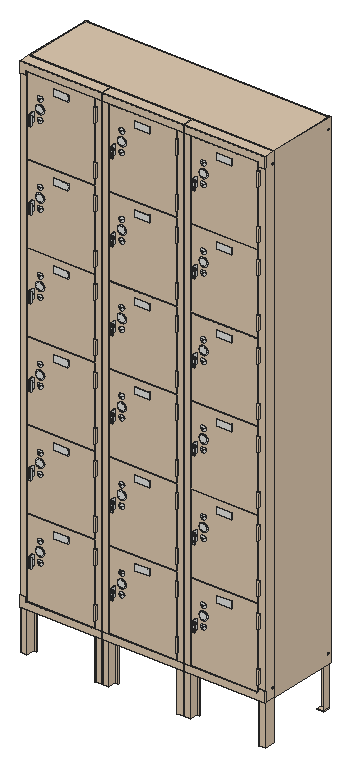
Revit family "Metal_Vented_Lockers-Salsbury_Industries-75000_76000_Series-3_Wide_Units", category Specialty Equipment, Revit 2023
Family settings
  Round Connector Dimension = Use Diameter
  Part Type = Normal
  OmniClass Number = 23.40.00.00
  OmniClass Title = Equipment and Furnishings
  Work Plane-Based = No
  Enable Cutting in Views = No
  Always vertical = Yes
  Cut with Voids When Loaded = No
  Maintain Annotation Orientation = No
  Shared = No
  Room Calculation Point = No
Parameters (values of type "76362 - with Standard 6" High Legs")
  Zee Base Corner - Right Side [instance] = Metal Locker Zee Base Corner : None
  Zee Base Corner - Left Side [instance] = Metal Locker Zee Base Corner : None
  Zee Base - Right Side [instance] = Metal Locker Zee Base-Right Side : None
  Zee Base - Left Side [instance] = Metal Locker Zee Base-Left Side : None
  Zee Base = Metal Locker Zee Base - 3 Wide : None
  Width = 36.040"
  Version = "2.0 (01/30/18)"
  Vent Offset = if(Depth = 12.010", 3.250", if(Depth = 15.010", 3.500", if(Depth = 18.010", 3.750", 0.000")))  # 3.250"
  Vent Configuration Height = Vents : 6 foot high vents
  Vent Array Spacing = 1.187"
  Vent Array 2 = if(Depth = 12.010", 5, if(Depth = 15.010", 7, if(Depth = 18.010", 9, 0)))  # 5
  Vent Array 1 = Vent Array 2 + 1  # 6
  Unit Height including Sloping Hood Only [instance] = 78.625"
  Unit Height = 72.000"
  URL = "www.lockers.com"
  Type Comments = "12\" Wide Vented Metal Locker - Box Style Six Tier"
  Total Door(s) Height [instance] = 69.81949"
  Top Row of Doors = yes
  Top Compartment Divider = yes
  Test Data = "https://www.lockers.com/videolibrary/"
  Specification = "https://www.lockers.com/architect-resources//"
  Sloping Top In-Line Filler - Right Side [instance] = Metal Locker Sloping Top Filler : None
  Sloping Top In-Line Filler - Left Side [instance] = Metal Locker Sloping Top Filler : None
  Sloping Top Corner Filler - Right Side [instance] = Metal Locker Sloping Corner Filler : None
  Sloping Top Corner Filler - Left Side [instance] = Metal Locker Sloping Corner Filler : None
  Sloping Hood Height = if(Depth = 12.010", 6.625", if(Depth = 15.010", 8.682", if(Depth = 18.010", 10.739", 0.000")))  # 6.625"
  Sloping Hood [instance] = Metal Locker Sloping Hood : None
  Sales Information = "https://www.lockers.com/request_a_quote/"
  Revision = "R1_2018-10"
  Product Data = "https://www.lockers.com/downloads__catalog/"
  Manufacturer Website = "https://www.lockers.com/"
  Manufacturer Phone - Toll Free = "1-800-562-5377"
  Manufacturer Phone = "(323) 846-6700"
  Manufacturer Fax = "1-800-562-5399"
  Manufacturer Address = "1010 East 62nd Street, Los Angeles, CA 90001-1598"
  Keynote = "10 51 00"
  Installation-Fabrication = "https://www.lockers.com/downloads__installation_instructions/"
  Green Building-LEED = "https://www.arcat.com/green/green_building.shtml"
  Drawn By = ""
  Default Elevation = 0.000"
  Copyright = ""
  Construction Details = "https://www.lockers.com/downloads__catalog/"
  Compartment Divider Height = Individual Door Height - 0.375"  # 11.157"
  Right Side Base [instance] = Metal Locker Right Side Base : None
  Primary Structure Material [instance] = Paint - Salsbury Finish - Tan
  Overall Width including Rivets [instance] = 36.120"
  Unit Height including Base Only [instance] = 78.000"
  Overall Unit Height (including Base and Sloping Hood) [instance] = 84.625"
  OmniClass 23 Title = "Equipment and Furnishings"
  OmniClass 23 Number = "23.40.00.00"
  Model = "76362"
  MasterFormat Title = "Lockers"
  MasterFormat Number = "10 51 13"
  Manufacturer = "Salsbury Industries"
  Left Side Base [instance] = Metal Locker Left Side Base : None
  Individual Door Height = 11.532"
  Hasp Plate Rivet Material = Steel -Salsbury Finish - Polished Steel
  Hasp Handle Material = Plastic - Salsbury Finish - Black
  Front Vertical Filler - Right [instance] = Metal Locker Front Filler : None
  Front Vertical Filler - Left [instance] = Metal Locker Front Filler : None
  Front Base [instance] = Metal Locker Front Base : None
  Flat Top In-Line Filler - Right Side [instance] = Metal Locker Flat Top Filler : None
  Flat Top In-Line Filler - Left Side [instance] = Metal Locker Flat Top Filler : None
  Flat Top Corner Filler - Right Side [instance] = Metal Locker Flat Corner Filler : None
  Flat Top Corner Filler - Left Side [instance] = Metal Locker Flat Corner Filler : None
  Individual Door Width [instance] = 33.90055"
  End Panel - Right Side [instance] = Metal Locker End Panel : None
  End Panel - Left Side [instance] = Metal Locker End Panel : None
  Door Location D1 = Vented Metal Locker Doors-12 inch with Latch Hasps : Six Tier Door - 6 foot
  Description = "3 Wide - 6 Feet High - 12 Inches Deep"
  Depth = 12.010"
  Category = ""
  Building Codes = "https://www.lockers.com/downloads__forms_and_information/"
  Base Height = 6.000"
  Standard Leg Base = Metal Locker Legs - 3 Wide : 6" High - 36" W x 12" D
  Assembly Code = "C1030310"
Reference planes (in)
  plane 1 "Center (Front/Back)": y = 0
  plane 2: z = 0
  plane 3 "Center (Left/Right)": x = 0
  plane 4 "Floor": z = 0
  plane 5 "Bottom of Unit": z = 6
  plane 6 "Top of Unit": z = 78
  plane 7 "Left Side of Unit": x = -18.02
  plane 8 "Right Side of Unit": x = 18.02
  plane 9 "Back of Unit": y = 6.005
  plane 10 "Front of Unit": y = -6.005
  plane 11 "Top of Sloping Hood": z = 84.625
  plane 12 "Left Rivet": x = -18.06
  plane 13 "Right Rivet": x = 18.06
  plane 14 "Right Side of Door Opening": x = 17.02
  plane 15 "Left Side of Door Opening": x = -17.02
  plane 16 "Top of Door Opening": z = 77
  plane 17 "Bottom of Door Opening": z = 7
  plane 18 "Back Edge of Front Facing": y = -4.417
  plane 19 "Front Plate Plane": y = -6.065
  plane 20 "Horizontal Center of Top Rivets": z = 76.5
  plane 21 "Horiz Center of Bottom Rivets": z = 7.5
  plane 22 "Vertical Center of Back Rivets": y = 5.505
  plane 23 "Vertical Center of Front Rivets": y = -4.755
  plane 24 "Right Align Top Filler Overlap": x = 17.435
  plane 25 "Left Align Top Filler Overlap": x = -17.435
  plane 26 "Corner Filler Align-Left": x = -18.08
  plane 27 "Corner Filler Align-Right": x = 18.08
  plane 28 "Right Side of Door": x = 16.95026
  plane 29 "Top of Door 1": z = 76.90976
  plane 30 "Bottom of Bottom Door": z = 7.09027
  plane 31 "Zee Base Offset": x = -17.669
  plane 32: x = 17.669
  plane 33 "Compartment Align 3": z = 19.157
  plane 34: x = -17.96
  plane 35: x = 17.96
  plane 36: x = -17.635
  plane 37: x = 17.635
  plane 38: y = 5.945
  plane 39: y = 5.895
  plane 40: y = 5.145
  plane 41: x = -17.9
  plane 42: x = 17.9
  plane 43: x = -17.095
  plane 44: x = 17.095
  plane 45: z = 77.94
  plane 46: z = 19.097
  plane 47: z = 18.157
  plane 48: z = 6.9204
  plane 49: z = 6.18539
  plane 50: z = 76.40796
  plane 51: z = 7.59204
  plane 52 "Right Side of Center Unit": x = 6.00667
  plane 53 "Left Side of Center Unit": x = -6.00667
  plane 54: x = 6.98167
  plane 55 "Left Side of Door Opening-Right Door": x = 7.00667
  plane 56: x = 5.03167
  plane 57 "Right Side of Door Opening-Center Door": x = 5.00667
  plane 58 "Right Side of Door - Center Door": x = 4.93667
  plane 59: x = -5.03167
  plane 60 "Left Side of Door Opening - Center Door": x = -5.00667
  plane 61: x = -6.98167
  plane 62 "Right Side of Door Opening - Left Door": x = -7.00667
  plane 63 "Right Side of Door - Left Door": x = -7.07667
  plane 64: z = 18.157
  plane 65 "Top of Door Row 3": z = 18.62227
  plane 66 "Bottom of Door Row 2": z = 18.74776
  plane 67 "Top of Door Row 2": z = 30.27976
  plane 68: z = 30.40676
  plane 69 "Compartment Align 2": z = 30.77927
  plane 70: z = 30.71927
  plane 71: z = 29.77927
  plane 72: z = 53.22076
  plane 73: z = 41.93876
  plane 74: z = 42.06376
  plane 75: z = 41.43676
  plane 76: z = 42.37676
  plane 77 "Compartment Align 1": z = 42.43676
  plane 78: z = 70.70625
  plane 79: z = 53.59576
  plane 80: z = 53.72076
  plane 81: z = 65.25276
  plane 82: z = 65.37776
  plane 83: z = 53.09576
  plane 84: z = 54.03576
  plane 85: z = 54.09576
  plane 86: z = 64.75276
  plane 87: z = 65.69276
  plane 88: z = 65.75276
  plane 89: z = 82.36525
  plane 90: z = 94.02225
  plane 91 "Front Vent Align": y = -2.755
  plane 92: y = -2.385
  plane 93: y = -1.791
  plane 94 "Top Vent Align": z = 73.562
  plane 95: z = 72.81
  plane 96: z = 71.97
Forms (in)
  Sweep 1, solid, material "Paint - Salsbury Finish - Tan" <- "Primary Structure Material"
    path origin (0, -6.005, 0) x (1, 0, 0) y (0, 0, 1)
      loop
        line (6.00667, 78) -> (6.00667, 6) -> (18.02, 6) -> (18.02, 78) -> (6.00667, 78)
    profile origin (12.01333, -6.005, 78) x (0, 0, 1) y (0, -1, 0)
      loop
        line (0, 0) -> (-1, 0) -> (-1, -1.588) -> (0, -1.588) -> (0, 0)
  Extrusion 2, solid, material "Paint - Salsbury Finish - Tan" <- "Primary Structure Material"
    sketch origin (0, 0, 6) x (0, -1, 0) y (1, 0, 0)
      loop
        line (4.417, 18.02) -> (-6.005, 18.02) -> (-6.005, 17.635) -> (-5.945, 17.635) -> (-5.945, 17.96) -> (4.417, 17.96) -> (4.417, 18.02)
    from 0 to 72
  Extrusion 3, solid, material "Paint - Salsbury Finish - Tan" <- "Primary Structure Material"
    sketch origin (0, 0, 6) x (0, -1, 0) y (1, 0, 0)
      loop
        line (4.417, -18.02) -> (4.417, -17.96) -> (-5.945, -17.96) -> (-5.945, -17.635) -> (-6.005, -17.635) -> (-6.005, -18.02) -> (4.417, -18.02)
    from 0 to 72
  Extrusion 4, solid, material "Paint - Salsbury Finish - Tan" <- "Primary Structure Material"
    sketch origin (0, 0, 6) x (0, -1, 0) y (1, 0, 0)
      loop
        line (-5.945, -17.96) -> (-5.145, -17.96) -> (-5.145, -17.9) -> (-5.895, -17.9) -> (-5.895, 17.9) -> (-5.145, 17.9) -> (-5.145, 17.96) -> (-5.945, 17.96) -> (-5.945, -17.96)
    from 0 to 72
  Sweep 5, solid, material "Paint - Salsbury Finish - Tan" <- "Primary Structure Material"
    path origin (0, 0, 7) x (0, -1, 0) y (1, 0, 0)
      loop
        line (4.417, -17.96) -> (4.417, 17.96) -> (-5.145, 17.96) -> (-5.145, 17.9) -> (-5.895, 17.9) -> (-5.895, -17.9) -> (-5.145, -17.9) -> (-5.145, -17.96) -> (4.417, -17.96)
    profile origin (-17.96, 0.364, 7) x (-1, 0, 0) y (0, 0, 1)
      loop
        line (0, -0.81461) -> (0, -0.0796) -> (-0.06, -0.0796) -> (-0.06, -0.81461) -> (0, -0.81461)
  Extrusion 6, solid, material "Paint - Salsbury Finish - Tan" <- "Primary Structure Material"
    sketch origin (0, 0, 7) x (0, -1, 0) y (1, 0, 0)
      loop
        line (-5.895, -17.9) -> (-5.145, -17.9) -> (-5.145, -17.96) -> (4.417, -17.96) -> (4.417, 17.96) -> (-5.145, 17.96) -> (-5.145, 17.9) -> (-5.895, 17.9) -> (-5.895, -17.9)
    from -0.0796 to 0
  Extrusion 7, solid, material "Paint - Salsbury Finish - Tan" <- "Primary Structure Material"
    sketch origin (0, 0, 78) x (0, -1, 0) y (1, 0, 0)
      loop
        line (-5.895, -17.9) -> (-5.145, -17.9) -> (-5.145, -17.96) -> (4.417, -17.96) -> (4.417, 17.96) -> (-5.145, 17.96) -> (-5.145, 17.9) -> (-5.895, 17.9) -> (-5.895, -17.9)
    from -0.06 to 0
  Extrusion 8, solid, material "Paint - Salsbury Finish - Tan" <- "Primary Structure Material"
    sketch origin (0, -6.065, 0) x (0, 0, -1) y (1, 0, 0)
      loop
        line (-78, -18.02) -> (-76.47656, -18.02)
        arc (-76.47656, -18.02) -> (-76.42806, -17.99991) -> (-76.40796, -17.9514) r 0.0686
        line (-76.40796, -17.9514) -> (-76.40796, -17.16351)
        arc (-76.40796, -17.16351) -> (-76.42809, -17.11506) -> (-76.47656, -17.095) r 0.0686
        line (-76.47656, -17.095) -> (-77, -17.095) -> (-77, 17.095) -> (-76.47656, 17.095)
        arc (-76.47656, 17.095) -> (-76.42809, 17.11506) -> (-76.40796, 17.16351) r 0.0686
        line (-76.40796, 17.16351) -> (-76.40796, 17.9514)
        arc (-76.40796, 17.9514) -> (-76.42806, 17.99991) -> (-76.47656, 18.02) r 0.0686
        line (-76.47656, 18.02) -> (-78, 18.02) -> (-78, -18.02)
    from -0.06 to 0
  Extrusion 9, solid, material "Paint - Salsbury Finish - Tan" <- "Primary Structure Material"
    sketch origin (0, -6.065, 84) x (0, 0, 1) y (-1, 0, 0)
      loop
        line (-78, 18.02) -> (-78, -18.02) -> (-76.47656, -18.02)
        arc (-76.47656, -18.02) -> (-76.42806, -17.99991) -> (-76.40796, -17.9514) r 0.0686
        line (-76.40796, -17.9514) -> (-76.40796, -17.16351)
        arc (-76.40796, -17.16351) -> (-76.42809, -17.11506) -> (-76.47656, -17.095) r 0.0686
        line (-76.47656, -17.095) -> (-77, -17.095) -> (-77, 17.095) -> (-76.47656, 17.095)
        arc (-76.47656, 17.095) -> (-76.42809, 17.11506) -> (-76.40796, 17.16351) r 0.0686
        line (-76.40796, 17.16351) -> (-76.40796, 17.9514)
        arc (-76.40796, 17.9514) -> (-76.42806, 17.99991) -> (-76.47656, 18.02) r 0.0686
        line (-76.47656, 18.02) -> (-78, 18.02)
    from -0.06 to 0
  Blend 10, solid, material "Steel -Salsbury Finish - Polished Steel" <- "Hasp Plate Rivet Material"
    base sketch origin (18.02, 0, 0) x (0, 0, -1) y (0, -1, 0)
      loop
        circle (-76.5, 4.755) r 0.187
    top sketch origin (18.02, 0, 0) x (0, 0, -1) y (0, -1, 0)
      loop
        circle (-76.5, 4.755) r 0.05319
    from 0 to -0.04
  Blend 11, solid, material "Steel -Salsbury Finish - Polished Steel" <- "Hasp Plate Rivet Material"
    base sketch origin (18.02, 0, -69) x (0, 0, -1) y (0, -1, 0)
      loop
        circle (-76.5, 4.755) r 0.187
    top sketch origin (18.02, 0, -69) x (0, 0, -1) y (0, -1, 0)
      loop
        circle (-76.5, 4.755) r 0.05319
    from 0 to -0.04
  Blend 12, solid, material "Steel -Salsbury Finish - Polished Steel" <- "Hasp Plate Rivet Material"
    base sketch origin (18.02, 10.26, -69) x (0, 0, -1) y (0, -1, 0)
      loop
        circle (-76.5, 4.755) r 0.187
    top sketch origin (18.02, 10.26, -69) x (0, 0, -1) y (0, -1, 0)
      loop
        circle (-76.5, 4.755) r 0.05319
    from 0 to -0.04
  Blend 13, solid, material "Steel -Salsbury Finish - Polished Steel" <- "Hasp Plate Rivet Material"
    base sketch origin (18.02, 10.26, 0.0043) x (0, 0, -1) y (0, -1, 0)
      loop
        circle (-76.5, 4.755) r 0.187
    top sketch origin (18.02, 10.26, 0.0043) x (0, 0, -1) y (0, -1, 0)
      loop
        circle (-76.5, 4.755) r 0.05319
    from 0 to -0.04
  Blend 14, solid, material "Steel -Salsbury Finish - Polished Steel" <- "Hasp Plate Rivet Material"
    base sketch origin (-6.02, 0, -69) x (0, 0, -1) y (0, 1, 0)
      loop
        circle (-76.5, -4.755) r 0.187
    top sketch origin (-6.02, 0, -69) x (0, 0, -1) y (0, 1, 0)
      loop
        circle (-76.5, -4.755) r 0.05319
    from -12 to -12.04
  Blend 15, solid, material "Steel -Salsbury Finish - Polished Steel" <- "Hasp Plate Rivet Material"
    base sketch origin (-6.02, 10.26, -69) x (0, 0, -1) y (0, 1, 0)
      loop
        circle (-76.5, -4.755) r 0.187
    top sketch origin (-6.02, 10.26, -69) x (0, 0, -1) y (0, 1, 0)
      loop
        circle (-76.5, -4.755) r 0.05319
    from -12 to -12.04
  Blend 16, solid, material "Steel -Salsbury Finish - Polished Steel" <- "Hasp Plate Rivet Material"
    base sketch origin (-6.02, 0, 0) x (0, 0, -1) y (0, 1, 0)
      loop
        circle (-76.5, -4.755) r 0.187
    top sketch origin (-6.02, 0, 0) x (0, 0, -1) y (0, 1, 0)
      loop
        circle (-76.5, -4.755) r 0.05319
    from -12 to -12.04
  Blend 17, solid, material "Steel -Salsbury Finish - Polished Steel" <- "Hasp Plate Rivet Material"
    base sketch origin (-6.02, 10.26, 0.00039) x (0, 0, -1) y (0, 1, 0)
      loop
        circle (-76.5, -4.755) r 0.187
    top sketch origin (-6.02, 10.26, 0.00039) x (0, 0, -1) y (0, 1, 0)
      loop
        circle (-76.5, -4.755) r 0.05319
    from -12 to -12.04
  Extrusion 18, solid, material "Paint - Salsbury Finish - Tan" <- "Primary Structure Material"
    sketch origin (0, 0, 19.157) x (0, -1, 0) y (1, 0, 0)
      loop
        line (-5.945, -17.9) -> (-5.145, -17.9) -> (-5.145, -17.96) -> (4.417, -17.96) -> (4.417, 17.96) -> (-5.145, 17.96) -> (-5.145, 17.9) -> (-5.945, 17.9) -> (-5.945, -17.9)
    from -0.06 to 0
  Sweep 19, solid, material "Paint - Salsbury Finish - Tan" <- "Primary Structure Material"
    path origin (0, 0, 19.157) x (0, -1, 0) y (1, 0, 0)
      loop
        line (4.417, -17.96) -> (4.417, 17.96) -> (-5.145, 17.96) -> (-5.145, 17.9) -> (-5.945, 17.9) -> (-5.945, -17.9) -> (-5.145, -17.9) -> (-5.145, -17.96) -> (4.417, -17.96)
    profile origin (-17.96, 0.364, 19.157) x (-1, 0, 0) y (0, 0, 1)
      loop
        line (0, -1) -> (0, -0.06) -> (-0.06, -0.06) -> (-0.06, -1) -> (0, -1)
  Sweep 20, solid, material "Paint - Salsbury Finish - Tan" <- "Primary Structure Material"
    path origin (-12.01333, -6.005, 0) x (1, 0, 0) y (0, 0, 1)
      loop
        line (6.00667, 78) -> (6.00667, 6) -> (18.02, 6) -> (18.02, 78) -> (6.00667, 78)
    profile origin (0, -6.005, 78) x (0, 0, 1) y (0, -1, 0)
      loop
        line (0, 0) -> (-1, 0) -> (-1, -1.588) -> (0, -1.588) -> (0, 0)
  Sweep 21, solid, material "Paint - Salsbury Finish - Tan" <- "Primary Structure Material"
    path origin (-24.02667, -6.005, 0) x (1, 0, 0) y (0, 0, 1)
      loop
        line (6.00667, 78) -> (6.00667, 6) -> (18.02, 6) -> (18.02, 78) -> (6.00667, 78)
    profile origin (-12.01333, -6.005, 78) x (0, 0, 1) y (0, -1, 0)
      loop
        line (0, 0) -> (-1, 0) -> (-1, -1.588) -> (0, -1.588) -> (0, 0)
  Extrusion 22, solid, material "Paint - Salsbury Finish - Tan" <- "Primary Structure Material"
    sketch origin (0, 0, 30.77927) x (0, -1, 0) y (1, 0, 0)
      loop
        line (-5.945, -17.9) -> (-5.145, -17.9) -> (-5.145, -17.96) -> (4.417, -17.96) -> (4.417, 17.96) -> (-5.145, 17.96) -> (-5.145, 17.9) -> (-5.945, 17.9) -> (-5.945, -17.9)
    from -0.06 to 0
  Sweep 23, solid, material "Paint - Salsbury Finish - Tan" <- "Primary Structure Material"
    path origin (0, 0, 30.77927) x (0, -1, 0) y (1, 0, 0)
      loop
        line (4.417, -17.96) -> (4.417, 17.96) -> (-5.145, 17.96) -> (-5.145, 17.9) -> (-5.945, 17.9) -> (-5.945, -17.9) -> (-5.145, -17.9) -> (-5.145, -17.96) -> (4.417, -17.96)
    profile origin (-17.96, 0.364, 30.77927) x (-1, 0, 0) y (0, 0, 1)
      loop
        line (0, -1) -> (0, -0.06) -> (-0.06, -0.06) -> (-0.06, -1) -> (0, -1)
  Extrusion 24, solid, material "Paint - Salsbury Finish - Tan" <- "Primary Structure Material"
    sketch origin (0, 0, 42.43676) x (0, -1, 0) y (1, 0, 0)
      loop
        line (-5.945, -17.9) -> (-5.145, -17.9) -> (-5.145, -17.96) -> (4.417, -17.96) -> (4.417, 17.96) -> (-5.145, 17.96) -> (-5.145, 17.9) -> (-5.945, 17.9) -> (-5.945, -17.9)
    from -0.06 to 0
  Sweep 25, solid, material "Paint - Salsbury Finish - Tan" <- "Primary Structure Material"
    path origin (0, 0, 42.43676) x (0, -1, 0) y (1, 0, 0)
      loop
        line (4.417, -17.96) -> (4.417, 17.96) -> (-5.145, 17.96) -> (-5.145, 17.9) -> (-5.945, 17.9) -> (-5.945, -17.9) -> (-5.145, -17.9) -> (-5.145, -17.96) -> (4.417, -17.96)
    profile origin (-17.96, 0.364, 42.43676) x (-1, 0, 0) y (0, 0, 1)
      loop
        line (0, -1) -> (0, -0.06) -> (-0.06, -0.06) -> (-0.06, -1) -> (0, -1)
  Extrusion 26, solid, material "Paint - Salsbury Finish - Tan" <- "Primary Structure Material"
    sketch origin (0, 0, 54.09576) x (0, -1, 0) y (1, 0, 0)
      loop
        line (-5.945, -17.9) -> (-5.145, -17.9) -> (-5.145, -17.96) -> (4.417, -17.96) -> (4.417, 17.96) -> (-5.145, 17.96) -> (-5.145, 17.9) -> (-5.945, 17.9) -> (-5.945, -17.9)
    from -0.06 to 0
  Sweep 27, solid, material "Paint - Salsbury Finish - Tan" <- "Primary Structure Material"
    path origin (0, 0, 54.09576) x (0, -1, 0) y (1, 0, 0)
      loop
        line (4.417, -17.96) -> (4.417, 17.96) -> (-5.145, 17.96) -> (-5.145, 17.9) -> (-5.945, 17.9) -> (-5.945, -17.9) -> (-5.145, -17.9) -> (-5.145, -17.96) -> (4.417, -17.96)
    profile origin (-17.96, 0.364, 54.09576) x (-1, 0, 0) y (0, 0, 1)
      loop
        line (0, -1) -> (0, -0.06) -> (-0.06, -0.06) -> (-0.06, -1) -> (0, -1)
  Extrusion 28, solid, material "Paint - Salsbury Finish - Tan" <- "Primary Structure Material", visible <- "Top Compartment Divider"
    sketch origin (0, 0, 65.75276) x (0, -1, 0) y (1, 0, 0)
      loop
        line (-5.945, -17.9) -> (-5.145, -17.9) -> (-5.145, -17.96) -> (4.417, -17.96) -> (4.417, 17.96) -> (-5.145, 17.96) -> (-5.145, 17.9) -> (-5.945, 17.9) -> (-5.945, -17.9)
    from -0.06 to 0
  Sweep 29, solid, material "Paint - Salsbury Finish - Tan" <- "Primary Structure Material", visible <- "Top Compartment Divider"
    path origin (0, 0, 65.75276) x (0, -1, 0) y (1, 0, 0)
      loop
        line (4.417, -17.96) -> (4.417, 17.96) -> (-5.145, 17.96) -> (-5.145, 17.9) -> (-5.945, 17.9) -> (-5.945, -17.9) -> (-5.145, -17.9) -> (-5.145, -17.96) -> (4.417, -17.96)
    profile origin (-17.96, 0.364, 65.75276) x (-1, 0, 0) y (0, 0, 1)
      loop
        line (0, -1) -> (0, -0.06) -> (-0.06, -0.06) -> (-0.06, -1) -> (0, -1)
Lines and regions (in)
  reference lines
    curve 1: line (-41.59242, -6.065, 78) -> (48.15758, -6.065, 78)
  symbolic lines
    curve 2: line (-18.02, 6.005, 78) -> (18.02, 6.005, 78)
    curve 3: line (-18.02, -6.065, 78) -> (-18.02, 6.005, 78)
    curve 4: line (18.02, -6.065, 78) -> (-18.02, -6.065, 78)
    curve 5: line (18.02, 6.005, 78) -> (18.02, -6.065, 78)
    curve 6: line (-18.06, -4.80819, 78) -> (-18.02, -4.91809, 78)
    curve 7: line (-18.02, -4.58043, 78) -> (-18.06, -4.70181, 78)
    curve 8: line (-18.06, -4.80819, 78) -> (-18.06, -4.70181, 78)
    curve 9: line (-18.06, 5.45181, 78) -> (-18.02, 5.31077, 78)
    curve 10: line (-18.06, 5.55819, 78) -> (-18.02, 5.68474, 78)
    curve 11: line (-18.06, 5.55819, 78) -> (-18.06, 5.45181, 78)
    curve 12: line (18.06, 5.55819, 78) -> (18.02, 5.70747, 78)
    curve 13: line (18.06, 5.45181, 78) -> (18.02, 5.3179, 78)
    curve 14: line (18.06, 5.55819, 78) -> (18.06, 5.45181, 78)
    curve 15: line (18.06, -4.70181, 78) -> (18.02, -4.57098, 78)
    curve 16: line (18.06, -4.80819, 78) -> (18.02, -4.94769, 78)
    curve 17: line (18.06, -4.70181, 78) -> (18.06, -4.80819, 78)
  model lines
    curve 18: line (6.00667, 6.005, 6) -> (6.00667, 6.005, 78)
    curve 19: line (-6.00667, 6.005, 6) -> (-6.00667, 6.005, 78)
    curve 20: line (-6.00667, 5.945, 78) -> (-6.00667, -6.065, 78)
    curve 21: line (6.00667, 5.945, 78) -> (6.00667, -6.065, 78)
Dimensions and locks (in)
  equal spacing: plane 7 "Left Side of Unit", plane 53 "Left Side of Center Unit", plane 52 "Right Side of Center Unit", plane 8 "Right Side of Unit"
  "Width": plane 7 "Left Side of Unit" to plane 8 "Right Side of Unit"
  "Base Height": plane 5 "Bottom of Unit" to plane 4 "Floor"
  "Unit Height": plane 6 "Top of Unit" to plane 5 "Bottom of Unit"
  "Unit Height including Base Only": plane 6 "Top of Unit" to plane 4 "Floor"
  equal spacing: plane 10 "Front of Unit", plane 1 "Center (Front/Back)", plane 9 "Back of Unit"
  "Depth": plane 10 "Front of Unit" to plane 9 "Back of Unit"
  "Sloping Hood Height": plane 11 "Top of Sloping Hood" to plane 6 "Top of Unit"
  "Overall Unit Height (including Base and Sloping Hood)": plane 11 "Top of Sloping Hood" to plane 4 "Floor"
  locked: plane 12 "Left Rivet" to plane 7 "Left Side of Unit" at 0.04
  locked: plane 8 "Right Side of Unit" to plane 13 "Right Rivet" at 0.04
  "Overall Width including Rivets": plane 12 "Left Rivet" to plane 13 "Right Rivet"
  plane 6 "Top of Unit" to plane 16 "Top of Door Opening" to plane 29 "Top of Door 1" to plane 50 = 1.000" locked, 0.09024", 0.5018"
  plane 51 to plane 30 "Bottom of Bottom Door" to plane 17 "Bottom of Door Opening" to plane 5 "Bottom of Unit" = 0.50177", 0.09027", 1.000" locked
  locked: plane 7 "Left Side of Unit" to plane 15 "Left Side of Door Opening" at 1
  plane 28 "Right Side of Door" to plane 14 "Right Side of Door Opening" to plane 8 "Right Side of Unit" = 0.06974", 1.000" locked
  plane 19 "Front Plate Plane" to plane 10 "Front of Unit" to plane 18 "Back Edge of Front Facing" = 0.060" locked, 1.588" locked
  "Unit Height including Sloping Hood Only": plane 11 "Top of Sloping Hood" to plane 5 "Bottom of Unit"
  locked: plane 20 "Horizontal Center of Top Rivets" to plane 6 "Top of Unit" at 1.5
  locked: plane 5 "Bottom of Unit" to plane 21 "Horiz Center of Bottom Rivets" at 1.5
  locked: plane 22 "Vertical Center of Back Rivets" to plane 9 "Back of Unit" at 0.5
  locked: plane 10 "Front of Unit" to plane 23 "Vertical Center of Front Rivets" at 1.25
  locked: plane 24 "Right Align Top Filler Overlap" to plane 13 "Right Rivet" at 0.625
  locked: plane 12 "Left Rivet" to plane 25 "Left Align Top Filler Overlap" at 0.625
  locked: plane 8 "Right Side of Unit" to plane 27 "Corner Filler Align-Right" at 0.06
  locked: plane 26 "Corner Filler Align-Left" to plane 7 "Left Side of Unit" at 0.06
  "Total Door(s) Height": plane 29 "Top of Door 1" to plane 30 "Bottom of Bottom Door"
  plane 7 "Left Side of Unit" to plane 31 "Zee Base Offset" = 0.351"
  plane 32 to plane 8 "Right Side of Unit" = 0.351"
  plane 33 "Compartment Align 3" to plane 46 to plane 64 = 0.060" locked, 0.940" locked
  plane 7 "Left Side of Unit" to plane 34 to plane 41 to plane 36 = 0.060" locked, 0.060" locked, 0.265" locked
  plane 37 to plane 42 to plane 35 to plane 8 "Right Side of Unit" = 0.265" locked, 0.060", 0.060"
  plane 40 to plane 39 to plane 38 to plane 9 "Back of Unit" = 0.750" locked, 0.050", 0.060"
  locked: plane 7 "Left Side of Unit" to plane 43 at 0.925
  locked: plane 44 to plane 8 "Right Side of Unit" at 0.925
  locked: plane 6 "Top of Unit" to plane 45 at 0.06
  plane 46 to plane 47 = 0.940"
  locked: plane 17 "Bottom of Door Opening" to plane 48 at 0.0796
  plane 48 to plane 49 = 0.73501"
  plane 58 "Right Side of Door - Center Door" to plane 57 "Right Side of Door Opening-Center Door" to plane 56 to plane 52 "Right Side of Center Unit" to plane 54 to plane 55 "Left Side of Door Opening-Right Door" = 0.070", 0.025", 0.975", 0.975", 0.025"
  plane 63 "Right Side of Door - Left Door" to plane 62 "Right Side of Door Opening - Left Door" to plane 61 to plane 53 "Left Side of Center Unit" to plane 59 to plane 60 "Left Side of Door Opening - Center Door" = 0.070", 0.025", 0.975", 0.975", 0.025"
  "Individual Door Height": plane 65 "Top of Door Row 3" to plane 30 "Bottom of Bottom Door"
  "Compartment Divider Height": plane 64 to plane 17 "Bottom of Door Opening"
  locked: plane 66 "Bottom of Door Row 2" to plane 65 "Top of Door Row 3" at 0.12549
  "Individual Door Height": plane 67 "Top of Door Row 2" to plane 66 "Bottom of Door Row 2"
  locked: plane 68 to plane 67 "Top of Door Row 2" at 0.127
  plane 69 "Compartment Align 2" to plane 70 to plane 71 = 0.060" locked, 0.940" locked
  "Compartment Divider Height": plane 71 to plane 65 "Top of Door Row 3"
  "Individual Door Height": plane 73 to plane 68
  locked: plane 74 to plane 73 at 0.125
  "Compartment Divider Height": plane 75 to plane 67 "Top of Door Row 2"
  plane 77 "Compartment Align 1" to plane 76 to plane 75 = 0.060" locked, 0.940" locked
  locked: plane 80 to plane 79 at 0.125
  locked: plane 82 to plane 81 at 0.125
  "Individual Door Height": plane 79 to plane 74
  "Individual Door Height": plane 81 to plane 80
  "Compartment Divider Height": plane 83 to plane 73
  "Compartment Divider Height": plane 86 to plane 79
  plane 85 to plane 84 to plane 83 = 0.060" locked, 0.940" locked
  plane 88 to plane 87 to plane 86 = 0.060" locked, 0.940" locked
  "Vent Offset": plane 10 "Front of Unit" to plane 91 "Front Vent Align"
  plane 91 "Front Vent Align" to plane 92 to plane 93 = 0.370" locked, 0.594" locked
  plane 94 "Top Vent Align" to plane 6 "Top of Unit" = 4.438"
  plane 96 to plane 95 to plane 94 "Top Vent Align" = 0.840", 0.752"
  equal spacing: group 1, group 2, group 3, group 4, group 5, group 6  (x3)
  equal spacing: group 7, group 8, group 9, group 10, group 11  (x3)
  "Vent Array Spacing": nested 41 to nested 43
  "Vent Array Spacing": nested 42 to nested 48
  equal spacing: group 12, group 13, group 14, group 15, group 16, group 17  (x3)
  equal spacing: group 18, group 19, group 20, group 21, group 22  (x3)
  "Vent Array Spacing": nested 54 to nested 52
  "Vent Array Spacing": nested 59 to nested 53
  aligned and locked: level to plane 2
  aligned and locked: Extrusion 2 to plane 6 "Top of Unit"
  aligned and locked: Extrusion 3 to plane 6 "Top of Unit"
  aligned and locked: Extrusion 4 to plane 6 "Top of Unit"
  aligned and locked: Extrusion 8 to plane 10 "Front of Unit"
  aligned and locked: Extrusion 9 to plane 10 "Front of Unit"
  aligned and locked: Extrusion 6 to plane 17 "Bottom of Door Opening"
  aligned and locked: plane 4 "Floor" to nested 2
  aligned and locked: plane 5 "Bottom of Unit" to Extrusion 9
  aligned and locked: plane 8 "Right Side of Unit" to nested 6
  aligned and locked: plane 7 "Left Side of Unit" to nested 7
  aligned and locked: Blend 10 to plane 13 "Right Rivet"
  aligned and locked: plane 8 "Right Side of Unit" to Blend 10
  aligned and locked: Blend 15 to plane 7 "Left Side of Unit"
  aligned and locked: Blend 14 to plane 7 "Left Side of Unit"  (x2)
  aligned and locked: plane 12 "Left Rivet" to Blend 14
  aligned and locked: plane 12 "Left Rivet" to Blend 15
  aligned and locked: Blend 14 to plane 12 "Left Rivet"
  aligned and locked: Blend 17 to plane 7 "Left Side of Unit"
  aligned and locked: plane 12 "Left Rivet" to Blend 17
  aligned and locked: Blend 16 to plane 7 "Left Side of Unit"
  aligned and locked: plane 12 "Left Rivet" to Blend 16
  aligned and locked: plane 5 "Bottom of Unit" to nested 10
  aligned and locked: plane 13 "Right Rivet" to nested 10
  aligned and locked: plane 12 "Left Rivet" to nested 11
  aligned and locked: nested 11 to plane 10 "Front of Unit"
  aligned and locked: plane 13 "Right Rivet" to nested 12
  aligned and locked: plane 10 "Front of Unit" to nested 12
  aligned and locked: plane 6 "Top of Unit" to nested 12
  aligned and locked: plane 12 "Left Rivet" to nested 13
  aligned and locked: plane 10 "Front of Unit" to nested 13
  aligned and locked: plane 6 "Top of Unit" to nested 13
  aligned and locked: plane 6 "Top of Unit" to nested 14
  aligned and locked: nested 14 to plane 19 "Front Plate Plane"
  aligned and locked: nested 14 to plane 24 "Right Align Top Filler Overlap"
  aligned and locked: nested 15 to plane 25 "Left Align Top Filler Overlap"
  aligned and locked: nested 15 to plane 19 "Front Plate Plane"
  aligned and locked: nested 10 to nested 15
  aligned and locked: plane 19 "Front Plate Plane" to nested 16
  aligned and locked: plane 6 "Top of Unit" to nested 16
  aligned and locked: nested 17 to plane 6 "Top of Unit"
  aligned and locked: nested 17 to plane 19 "Front Plate Plane"
  aligned and locked: nested 18 to plane 24 "Right Align Top Filler Overlap"
  aligned and locked: nested 18 to plane 19 "Front Plate Plane"
  aligned and locked: plane 16 "Top of Door Opening" to nested 18
  aligned and locked: nested 19 to plane 16 "Top of Door Opening"
  aligned and locked: nested 19 to plane 25 "Left Align Top Filler Overlap"
  aligned and locked: nested 19 to plane 19 "Front Plate Plane"
  aligned and locked: nested 11 to plane 6 "Top of Unit"
  aligned and locked: plane 10 "Front of Unit" to nested 10
  aligned and locked: plane 10 "Front of Unit" to nested 22
  aligned and locked: plane 10 "Front of Unit" to nested 1
  aligned and locked: plane 10 "Front of Unit" to nested 2
  aligned and locked: plane 7 "Left Side of Unit" to nested 17
  aligned and locked: plane 31 "Zee Base Offset" to nested 9
  aligned and locked: plane 18 "Back Edge of Front Facing" to nested 9
  aligned and locked: nested 8 to plane 18 "Back Edge of Front Facing"
  aligned and locked: plane 32 to nested 8
  aligned and locked: nested 21 to curve 1
  aligned and locked: nested 20 to curve 1
  aligned and locked: Sweep 19 sketch curve to Extrusion 18
  aligned and locked: plane 7 "Left Side of Unit" to Extrusion 3
  aligned and locked: Extrusion 3 to plane 9 "Back of Unit"
  aligned and locked: Extrusion 2 to plane 8 "Right Side of Unit"
  aligned and locked: Extrusion 2 to plane 9 "Back of Unit"
  aligned and locked: plane 18 "Back Edge of Front Facing" to Extrusion 3
  aligned and locked: plane 18 "Back Edge of Front Facing" to Extrusion 2
  aligned and locked: plane 34 to Extrusion 3
  aligned and locked: plane 35 to Extrusion 2
  aligned and locked: plane 36 to Extrusion 3
  aligned and locked: plane 37 to Extrusion 2
  aligned and locked: Extrusion 3 to plane 38
  aligned and locked: plane 38 to Extrusion 2
  aligned and locked: Extrusion 4 to plane 38
  aligned and locked: Extrusion 4 to plane 39
  aligned and locked: plane 34 to Extrusion 4
  aligned and locked: plane 40 to Extrusion 4  (x2)
  aligned and locked: plane 41 to Extrusion 4
  aligned and locked: plane 42 to Extrusion 4
  aligned and locked: Extrusion 7 to plane 39
  aligned and locked: plane 41 to Extrusion 7
  aligned and locked: plane 34 to Extrusion 7  (x2)
  aligned and locked: Extrusion 7 to plane 40  (x2)
  aligned and locked: Extrusion 7 to plane 42
  aligned and locked: Extrusion 7 to plane 35  (x2)
  aligned and locked: plane 18 "Back Edge of Front Facing" to Extrusion 7
  aligned and locked: plane 18 "Back Edge of Front Facing" to Extrusion 6
  aligned and locked: Extrusion 6 to plane 39
  aligned and locked: Extrusion 6 to plane 42
  aligned and locked: Extrusion 6 to plane 40  (x2)
  aligned and locked: Extrusion 6 to plane 35
  aligned and locked: plane 41 to Extrusion 6
  aligned and locked: plane 34 to Extrusion 6
  aligned and locked: Sweep 5 to plane 39
  aligned and locked: Sweep 5 to plane 40  (x2)
  aligned and locked: Sweep 5 to plane 42
  aligned and locked: Sweep 5 to plane 35
  aligned and locked: plane 18 "Back Edge of Front Facing" to Sweep 5
  aligned and locked: plane 34 to Sweep 5
  aligned and locked: plane 41 to Sweep 5
  aligned and locked: Sweep 5 sketch curve to plane 41
  aligned and locked: Sweep 5 sketch curve to plane 39
  aligned and locked: plane 40 to Sweep 5 sketch curve  (x2)
  aligned and locked: Sweep 5 sketch curve to plane 34  (x2)
  aligned and locked: plane 42 to Sweep 5 sketch curve
  aligned and locked: plane 35 to Sweep 5 sketch curve
  aligned and locked: Sweep 5 sketch curve to plane 18 "Back Edge of Front Facing"
  aligned and locked: Extrusion 18 to plane 42
  aligned and locked: Extrusion 18 to plane 40  (x2)
  aligned and locked: Extrusion 18 to plane 35
  aligned and locked: plane 18 "Back Edge of Front Facing" to Extrusion 18
  aligned and locked: plane 34 to Extrusion 18
  aligned and locked: plane 41 to Extrusion 18
  aligned and locked: plane 42 to Sweep 19 sketch curve
  aligned and locked: plane 40 to Sweep 19 sketch curve  (x2)
  aligned and locked: plane 35 to Sweep 19 sketch curve
  aligned and locked: Sweep 19 sketch curve to plane 18 "Back Edge of Front Facing"
  aligned and locked: Sweep 19 sketch curve to plane 34  (x2)
  aligned and locked: Sweep 19 sketch curve to plane 41
  aligned and locked: plane 6 "Top of Unit" to Sweep 1 sketch curve  (x2)
  aligned and locked: plane 8 "Right Side of Unit" to Sweep 1 sketch curve
  aligned and locked: Sweep 1 sketch curve to plane 5 "Bottom of Unit"
  aligned and locked: plane 10 "Front of Unit" to Sweep 1
  aligned and locked: Extrusion 8 to plane 19 "Front Plate Plane"
  aligned and locked: plane 10 "Front of Unit" to Extrusion 8
  aligned and locked: Extrusion 8 to plane 8 "Right Side of Unit"
  aligned and locked: plane 7 "Left Side of Unit" to Extrusion 8
  aligned and locked: plane 7 "Left Side of Unit" to Extrusion 9
  aligned and locked: plane 19 "Front Plate Plane" to Extrusion 9
  aligned and locked: Extrusion 9 to plane 8 "Right Side of Unit"
  aligned and locked: plane 43 to Extrusion 9
  aligned and locked: plane 44 to Extrusion 9
  aligned and locked: plane 44 to Extrusion 8
  aligned and locked: Extrusion 8 to plane 43
  aligned and locked: plane 28 "Right Side of Door" to nested 22
  aligned and locked: plane 18 "Back Edge of Front Facing" to Sweep 1 sketch curve
  aligned and locked: Sweep 1 sketch curve to plane 16 "Top of Door Opening"
  aligned and locked: Sweep 1 sketch curve to plane 10 "Front of Unit"
  aligned and locked: plane 5 "Bottom of Unit" to Extrusion 4
  aligned and locked: Extrusion 4 to plane 35
  aligned and locked: plane 5 "Bottom of Unit" to Extrusion 3
  aligned and locked: plane 5 "Bottom of Unit" to Extrusion 2
  aligned and locked: Extrusion 7 to plane 6 "Top of Unit"
  aligned and locked: plane 45 to Extrusion 7
  aligned and locked: Extrusion 18 to plane 33 "Compartment Align 3"
  aligned and locked: Extrusion 18 to plane 46
  aligned and locked: plane 41 to Sweep 19 sketch curve
  aligned and locked: plane 47 to Sweep 19 sketch curve
  aligned and locked: Extrusion 6 to plane 48
  aligned and locked: Sweep 5 to plane 48
  aligned and locked: Sweep 5 sketch curve to plane 49
  aligned and locked: Sweep 5 sketch curve to plane 48
  aligned and locked: plane 41 to Sweep 5 sketch curve
  aligned and locked: plane 50 to Extrusion 8
  aligned and locked: Extrusion 8 to plane 50
  aligned and locked: Extrusion 8 to plane 6 "Top of Unit"
  aligned and locked: plane 16 "Top of Door Opening" to Extrusion 8
  aligned and locked: Extrusion 9 to plane 17 "Bottom of Door Opening"
  aligned and locked: plane 51 to Extrusion 9  (x2)
  aligned and locked: plane 4 "Floor" to nested 1
  aligned and locked: Blend 12 to plane 13 "Right Rivet"
  aligned and locked: plane 8 "Right Side of Unit" to Blend 12
  aligned and locked: plane 8 "Right Side of Unit" to Blend 13
  aligned and locked: Blend 13 to plane 13 "Right Rivet"
  aligned and locked: plane 8 "Right Side of Unit" to Blend 11
  aligned and locked: Blend 11 to plane 13 "Right Rivet"
  aligned and locked: nested 21 to curve 3
  aligned and locked: curve 4 to Extrusion 8
  aligned and locked: curve 5 to Extrusion 8
  aligned and locked: curve 8 to Blend 14
  aligned and locked: curve 11 to Blend 15
  aligned and locked: curve 14 to Blend 12
  aligned and locked: curve 17 to Blend 10
  aligned and locked: plane 8 "Right Side of Unit" to nested 20
  aligned and locked: plane 7 "Left Side of Unit" to nested 21
  aligned and locked: Sweep 1 sketch curve to plane 52 "Right Side of Center Unit"
  aligned and locked: plane 6 "Top of Unit" to Sweep 20 sketch curve
  aligned and locked: Sweep 20 sketch curve to plane 5 "Bottom of Unit"
  aligned and locked: Sweep 21 sketch curve to plane 5 "Bottom of Unit"
  aligned and locked: plane 53 "Left Side of Center Unit" to Sweep 21 sketch curve
  aligned and locked: Sweep 21 sketch curve to plane 7 "Left Side of Unit"
  aligned and locked: plane 6 "Top of Unit" to Sweep 21 sketch curve
  aligned and locked: Sweep 20 sketch curve to plane 53 "Left Side of Center Unit"
  aligned and locked: plane 52 "Right Side of Center Unit" to Sweep 20 sketch curve
  aligned and locked: plane 10 "Front of Unit" to nested 24
  aligned and locked: plane 18 "Back Edge of Front Facing" to Sweep 20 sketch curve
  aligned and locked: Sweep 20 sketch curve to plane 16 "Top of Door Opening"
  aligned and locked: profile plane to Sweep 20 sketch curve
  aligned and locked: Sweep 20 sketch curve to profile plane
  aligned and locked: profile plane to Sweep 21 sketch curve
  aligned and locked: plane 18 "Back Edge of Front Facing" to Sweep 21 sketch curve
  aligned and locked: Sweep 21 sketch curve to plane 16 "Top of Door Opening"
  aligned and locked: Sweep 21 sketch curve to profile plane
  aligned and locked: plane 58 "Right Side of Door - Center Door" to nested 23
  aligned and locked: plane 63 "Right Side of Door - Left Door" to nested 24
  aligned and locked: nested 23 to plane 30 "Bottom of Bottom Door"
  aligned and locked: nested 24 to plane 30 "Bottom of Bottom Door"
  aligned and locked: plane 4 "Floor" to nested 5
  aligned and locked: plane 8 "Right Side of Unit" to nested 5
  aligned and locked: plane 9 "Back of Unit" to nested 6
  aligned and locked: plane 9 "Back of Unit" to nested 7
  aligned and locked: plane 52 "Right Side of Center Unit" to curve 18
  aligned and locked: plane 53 "Left Side of Center Unit" to curve 19
  aligned and locked: plane 5 "Bottom of Unit" to curve 19
  aligned and locked: plane 5 "Bottom of Unit" to curve 18
  aligned and locked: plane 6 "Top of Unit" to curve 18
  aligned and locked: plane 6 "Top of Unit" to curve 19
  aligned and locked: curve 20 to Extrusion 4
  aligned and locked: curve 20 to Sweep 21
  aligned and locked: curve 21 to Sweep 20
  aligned and locked: Extrusion 4 to curve 21
  aligned and locked: Extrusion 8 to curve 20
  aligned and locked: plane 6 "Top of Unit" to nested 25
  aligned and locked: plane 19 "Front Plate Plane" to nested 25
  aligned and locked: plane 10 "Front of Unit" to nested 23
  aligned and locked: nested 22 to plane 30 "Bottom of Bottom Door"
  aligned and locked: Sweep 19 to plane 64
  aligned and locked: nested 26 to plane 66 "Bottom of Door Row 2"
  aligned and locked: nested 27 to plane 66 "Bottom of Door Row 2"
  aligned and locked: nested 28 to plane 66 "Bottom of Door Row 2"
  aligned and locked: plane 28 "Right Side of Door" to nested 26
  aligned and locked: plane 58 "Right Side of Door - Center Door" to nested 27
  aligned and locked: plane 63 "Right Side of Door - Left Door" to nested 28
  aligned and locked: plane 10 "Front of Unit" to nested 26
  aligned and locked: plane 10 "Front of Unit" to nested 27
  aligned and locked: plane 10 "Front of Unit" to nested 28
  aligned and locked: plane 68 to nested 29
  aligned and locked: nested 30 to plane 68
  aligned and locked: nested 31 to plane 68
  aligned and locked: Extrusion 22 to Sweep 23 sketch curve
  aligned and locked: plane 70 to Extrusion 22
  aligned and locked: Extrusion 22 to plane 69 "Compartment Align 2"
  aligned and locked: Sweep 23 sketch curve to plane 71
  aligned and locked: plane 28 "Right Side of Door" to nested 29
  aligned and locked: plane 58 "Right Side of Door - Center Door" to nested 30
  aligned and locked: plane 63 "Right Side of Door - Left Door" to nested 31
  aligned and locked: plane 10 "Front of Unit" to nested 29
  aligned and locked: plane 10 "Front of Unit" to nested 30
  aligned and locked: plane 10 "Front of Unit" to nested 31
  aligned and locked: Sweep 23 to Extrusion 22  (x2)
  aligned and locked: plane 18 "Back Edge of Front Facing" to Extrusion 22
  aligned and locked: Extrusion 22 to nested 5  (x2)
  aligned and locked: Extrusion 22 to Sweep 23  (x2)
  aligned and locked: Sweep 23 sketch curve to plane 18 "Back Edge of Front Facing"
  aligned and locked: plane 35 to Sweep 23 sketch curve
  aligned and locked: plane 42 to Sweep 23 sketch curve
  aligned and locked: Sweep 23 sketch curve to plane 34
  aligned and locked: Sweep 23 sketch curve to plane 41
  aligned and locked: Sweep 23 sketch curve to plane 38
  aligned and locked: plane 74 to nested 32
  aligned and locked: nested 33 to plane 74
  aligned and locked: nested 34 to plane 74
  aligned and locked: plane 28 "Right Side of Door" to nested 32
  aligned and locked: plane 58 "Right Side of Door - Center Door" to nested 33
  aligned and locked: plane 63 "Right Side of Door - Left Door" to nested 34
  aligned and locked: plane 10 "Front of Unit" to nested 32
  aligned and locked: plane 10 "Front of Unit" to nested 33
  aligned and locked: plane 10 "Front of Unit" to nested 34
  aligned and locked: Extrusion 24 to Sweep 25 sketch curve
  aligned and locked: Sweep 25 to Extrusion 24  (x2)
  aligned and locked: Extrusion 24 to Sweep 25  (x2)
  aligned and locked: Extrusion 24 to plane 77 "Compartment Align 1"
  aligned and locked: plane 76 to Extrusion 24
  aligned and locked: Extrusion 24 to plane 38
  aligned and locked: plane 18 "Back Edge of Front Facing" to Extrusion 24
  aligned and locked: plane 41 to Extrusion 24
  aligned and locked: Extrusion 24 to plane 42
  aligned and locked: Extrusion 24 to plane 35
  aligned and locked: Sweep 25 sketch curve to plane 34
  aligned and locked: Sweep 25 sketch curve to plane 41
  aligned and locked: Sweep 25 sketch curve to plane 18 "Back Edge of Front Facing"
  aligned and locked: plane 35 to Sweep 25 sketch curve
  aligned and locked: plane 42 to Sweep 25 sketch curve
  aligned and locked: Sweep 25 sketch curve to plane 38
  aligned and locked: Sweep 25 sketch curve to plane 75
  aligned and locked: plane 28 "Right Side of Door" to nested 38
  aligned and locked: plane 58 "Right Side of Door - Center Door" to nested 39
  aligned and locked: plane 63 "Right Side of Door - Left Door" to nested 40
  aligned and locked: nested 35 to plane 80
  aligned and locked: nested 36 to plane 80
  aligned and locked: nested 37 to plane 80
  aligned and locked: nested 38 to plane 82
  aligned and locked: nested 39 to plane 82
  aligned and locked: nested 40 to plane 82
  aligned and locked: plane 28 "Right Side of Door" to nested 35
  aligned and locked: plane 58 "Right Side of Door - Center Door" to nested 36
  aligned and locked: plane 63 "Right Side of Door - Left Door" to nested 37
  aligned and locked: plane 10 "Front of Unit" to nested 38
  aligned and locked: plane 10 "Front of Unit" to nested 35
  aligned and locked: plane 10 "Front of Unit" to nested 39
  aligned and locked: plane 10 "Front of Unit" to nested 36
  aligned and locked: plane 10 "Front of Unit" to nested 37
  aligned and locked: plane 10 "Front of Unit" to nested 40
  aligned and locked: Sweep 27 to Extrusion 26  (x2)
  aligned and locked: Extrusion 26 to Sweep 27  (x2)
  aligned and locked: Sweep 29 to Extrusion 28  (x2)
  aligned and locked: Extrusion 28 to Sweep 29  (x2)
  aligned and locked: Extrusion 26 to plane 85
  aligned and locked: plane 84 to Extrusion 26
  aligned and locked: Extrusion 28 to plane 88
  aligned and locked: plane 87 to Extrusion 28
  aligned and locked: Sweep 29 sketch curve to plane 86
  aligned and locked: plane 87 to Sweep 29 sketch curve
  aligned and locked: plane 84 to Sweep 27 sketch curve
  aligned and locked: Sweep 27 sketch curve to plane 83
  aligned and locked: Extrusion 28 to plane 38
  aligned and locked: plane 41 to Extrusion 28
  aligned and locked: plane 34 to Extrusion 28 sketch curve
  aligned and locked: plane 18 "Back Edge of Front Facing" to Extrusion 28 sketch curve
  aligned and locked: Extrusion 28 sketch curve to plane 35
  aligned and locked: Extrusion 28 sketch curve to plane 42
  aligned and locked: Sweep 29 sketch curve to plane 38
  aligned and locked: Sweep 29 sketch curve to plane 41
  aligned and locked: Sweep 29 sketch curve to plane 34
  aligned and locked: Sweep 29 sketch curve to plane 18 "Back Edge of Front Facing"
  aligned and locked: plane 35 to Sweep 29 sketch curve
  aligned and locked: plane 42 to Sweep 29 sketch curve
  aligned and locked: Extrusion 26 sketch curve to plane 38
  aligned and locked: plane 41 to Extrusion 26 sketch curve
  aligned and locked: plane 34 to Extrusion 26 sketch curve
  aligned and locked: plane 18 "Back Edge of Front Facing" to Extrusion 26 sketch curve
  aligned and locked: Extrusion 26 sketch curve to plane 35
  aligned and locked: Extrusion 26 sketch curve to plane 42
  aligned and locked: Sweep 27 sketch curve to plane 38
  aligned and locked: Sweep 27 sketch curve to plane 41
  aligned and locked: Sweep 27 sketch curve to plane 34
  aligned and locked: Sweep 27 sketch curve to plane 18 "Back Edge of Front Facing"
  aligned and locked: plane 42 to Sweep 27 sketch curve
  aligned and locked: Extrusion 28 sketch curve to plane 38
  aligned and locked: Extrusion 28 sketch curve to plane 40  (x2)
  aligned and locked: plane 40 to Sweep 29 sketch curve  (x2)
  aligned and locked: Extrusion 26 sketch curve to plane 40  (x2)
  aligned and locked: plane 40 to Sweep 27 sketch curve  (x2)
  aligned and locked: Extrusion 24 sketch curve to plane 38
  aligned and locked: Extrusion 24 sketch curve to plane 40  (x2)
  aligned and locked: plane 40 to Sweep 25 sketch curve  (x2)
  aligned and locked: Extrusion 22 sketch curve to plane 38
  aligned and locked: Extrusion 22 sketch curve to plane 40  (x2)
  aligned and locked: plane 40 to Sweep 23 sketch curve  (x2)
  aligned and locked: Extrusion 18 to plane 38
  aligned and locked: Extrusion 18 sketch curve to plane 40  (x2)
  aligned and locked: Sweep 19 sketch curve to plane 38
  aligned and locked: plane 9 "Back of Unit" to curve 2
  aligned and locked: nested 42 to plane 8 "Right Side of Unit"
  aligned and locked: nested 41 to plane 8 "Right Side of Unit"
  aligned and locked: nested 41 to plane 92
  aligned and locked: plane 96 to nested 41
  aligned and locked: nested 42 to plane 93
  aligned and locked: plane 95 to nested 42
  aligned and locked: nested 51 to plane 8 "Right Side of Unit"
  aligned and locked: nested 47 to plane 8 "Right Side of Unit"
  aligned and locked: plane 95 to nested 51
  aligned and locked: plane 96 to nested 47
  aligned and locked: nested 53 to plane 7 "Left Side of Unit"
  aligned and locked: nested 52 to plane 7 "Left Side of Unit"
  aligned and locked: plane 92 to nested 52
  aligned and locked: nested 52 to plane 96
  aligned and locked: plane 93 to nested 53
  aligned and locked: nested 53 to plane 95
  aligned and locked: nested 62 to plane 7 "Left Side of Unit"
  aligned and locked: nested 58 to plane 7 "Left Side of Unit"
  aligned and locked: nested 62 to plane 95
  aligned and locked: nested 58 to plane 96
Automatic sketch dimensions
  Extrusion 2 sketch curve to plane 8 "Right Side of Unit" = 0.000"
  plane 9 "Back of Unit" to Extrusion 2 sketch curve = 0.000"
  Extrusion 2 sketch curve to plane 37 = 0.000"
  plane 38 to Extrusion 2 sketch curve = 0.000"
  plane 18 "Back Edge of Front Facing" to Extrusion 2 sketch curve = 0.000"
  Extrusion 2 sketch curve to plane 35 = 0.000"
  Extrusion 3 sketch curve to plane 7 "Left Side of Unit" = 0.000"
  plane 9 "Back of Unit" to Extrusion 3 sketch curve = 0.000"
  Extrusion 3 sketch curve to plane 36 = 0.000"
  Extrusion 3 sketch curve to plane 38 = 0.000"
  plane 18 "Back Edge of Front Facing" to Extrusion 3 sketch curve = 0.000"
  Extrusion 3 sketch curve to plane 34 = 0.000"
  Extrusion 4 sketch curve to plane 34 = 0.000"
  Extrusion 4 sketch curve to plane 38 = 0.000"
  Extrusion 4 sketch curve to plane 39 = 0.000"
  plane 40 to Extrusion 4 sketch curve = 0.000"
  Extrusion 4 sketch curve to plane 40 = 0.000"
  Extrusion 4 sketch curve to plane 41 = 0.000"
  Extrusion 4 sketch curve to plane 42 = 0.000"
  Extrusion 4 sketch curve to plane 35 = 0.000"
  Extrusion 6 sketch curve to plane 39 = 0.000"
  Extrusion 6 sketch curve to plane 34 = 0.000"
  Extrusion 6 sketch curve to plane 40 = 0.000"
  plane 40 to Extrusion 6 sketch curve = 0.000"
  plane 18 "Back Edge of Front Facing" to Extrusion 6 sketch curve = 0.000"
  Extrusion 6 sketch curve to plane 41 = 0.000"
  Extrusion 6 sketch curve to plane 42 = 0.000"
  Extrusion 6 sketch curve to plane 35 = 0.000"
  Extrusion 7 sketch curve to plane 39 = 0.000"
  Extrusion 7 sketch curve to plane 34 = 0.000"
  Extrusion 7 sketch curve to plane 40 = 0.000"
  plane 40 to Extrusion 7 sketch curve = 0.000"
  plane 18 "Back Edge of Front Facing" to Extrusion 7 sketch curve = 0.000"
  Extrusion 7 sketch curve to plane 41 = 0.000"
  Extrusion 7 sketch curve to plane 42 = 0.000"
  Extrusion 7 sketch curve to plane 35 = 0.000"
  Extrusion 8 sketch curve to plane 6 "Top of Unit" = 0.000"
  Extrusion 8 sketch curve to plane 16 "Top of Door Opening" = 0.000"
  plane 43 to Extrusion 8 sketch curve = 0.000"
  plane 7 "Left Side of Unit" to Extrusion 8 sketch curve = 0.000"
  plane 44 to Extrusion 8 sketch curve = 0.000"
  plane 8 "Right Side of Unit" to Extrusion 8 sketch curve = 0.000"
  Extrusion 8 sketch curve to plane 50 = 0.000"  (x2)
  plane 20 "Horizontal Center of Top Rivets" to Extrusion 8 sketch curve = 0.02344"  (x4)
  Extrusion 8 sketch curve to Extrusion 8 sketch curve = 0.0686"
  Extrusion 8 sketch curve to plane 44 = 0.06851"
  Extrusion 9 sketch curve to plane 5 "Bottom of Unit" = 0.000"
  Extrusion 9 sketch curve to plane 17 "Bottom of Door Opening" = 0.000"
  plane 43 to Extrusion 9 sketch curve = 0.000"
  plane 7 "Left Side of Unit" to Extrusion 9 sketch curve = 0.000"
  plane 44 to Extrusion 9 sketch curve = 0.000"
  plane 8 "Right Side of Unit" to Extrusion 9 sketch curve = 0.000"
  Extrusion 9 sketch curve to plane 51 = 0.000"  (x2)
  plane 21 "Horiz Center of Bottom Rivets" to Extrusion 9 sketch curve = 0.02344"  (x4)
  Extrusion 9 sketch curve to Extrusion 9 sketch curve = 0.0686"
  plane 44 to Extrusion 9 sketch curve = 0.06851"
  plane 20 "Horizontal Center of Top Rivets" to Blend 10 sketch curve = 0.000"  (x2)
  Blend 10 sketch curve to plane 23 "Vertical Center of Front Rivets" = 0.000"  (x2)
  plane 21 "Horiz Center of Bottom Rivets" to Blend 11 sketch curve = 0.000"  (x2)
  Blend 11 sketch curve to plane 23 "Vertical Center of Front Rivets" = 0.000"  (x2)
  plane 21 "Horiz Center of Bottom Rivets" to Blend 12 sketch curve = 0.000"  (x2)
  Blend 12 sketch curve to plane 22 "Vertical Center of Back Rivets" = 0.000"  (x2)
  Blend 13 sketch curve to plane 22 "Vertical Center of Back Rivets" = 0.000"  (x2)
  Blend 13 sketch curve to plane 20 "Horizontal Center of Top Rivets" = 0.0043"  (x2)
  plane 21 "Horiz Center of Bottom Rivets" to Blend 14 sketch curve = 0.000"  (x2)
  Blend 14 sketch curve to plane 23 "Vertical Center of Front Rivets" = 0.000"  (x2)
  plane 21 "Horiz Center of Bottom Rivets" to Blend 15 sketch curve = 0.000"  (x2)
  Blend 15 sketch curve to plane 22 "Vertical Center of Back Rivets" = 0.000"  (x2)
  plane 20 "Horizontal Center of Top Rivets" to Blend 16 sketch curve = 0.000"  (x2)
  Blend 16 sketch curve to plane 23 "Vertical Center of Front Rivets" = 0.000"  (x2)
  Blend 17 sketch curve to plane 22 "Vertical Center of Back Rivets" = 0.000"  (x2)
  Blend 17 sketch curve to plane 20 "Horizontal Center of Top Rivets" = 0.00039"  (x2)
  plane 19 "Front Plate Plane" to curve 1 = 0.000"
  plane 26 "Corner Filler Align-Left" to curve 1 = 23.51242"
  curve 1 to plane 27 "Corner Filler Align-Right" = 30.07758"
  Extrusion 18 sketch curve to plane 39 = 0.050"
  Extrusion 18 sketch curve to plane 34 = 0.000"
  plane 18 "Back Edge of Front Facing" to Extrusion 18 sketch curve = 0.000"
  Extrusion 18 sketch curve to plane 41 = 0.000"
  Extrusion 18 sketch curve to plane 42 = 0.000"
  Extrusion 18 sketch curve to plane 35 = 0.000"
  curve 11 to plane 22 "Vertical Center of Back Rivets" = 0.05319"
  curve 14 to plane 22 "Vertical Center of Back Rivets" = 0.05319"
  plane 22 "Vertical Center of Back Rivets" to curve 13 = 0.05319"
  plane 22 "Vertical Center of Back Rivets" to curve 9 = 0.05319"
  curve 15 to plane 23 "Vertical Center of Front Rivets" = 0.05319"
  curve 8 to plane 23 "Vertical Center of Front Rivets" = 0.05319"
  plane 23 "Vertical Center of Front Rivets" to curve 6 = 0.05319"
  plane 23 "Vertical Center of Front Rivets" to curve 16 = 0.05319"
  curve 12 to curve 12 = 0.14928"
  curve 10 to curve 10 = 0.12655"
  curve 13 to curve 13 = 0.13391"
  curve 9 to curve 9 = 0.14104"
  curve 15 to curve 15 = 0.13083"
  curve 7 to curve 7 = 0.12138"
  curve 6 to curve 6 = 0.1099"
  curve 16 to curve 16 = 0.1395"
  Extrusion 22 sketch curve to plane 34 = 0.000"
  plane 18 "Back Edge of Front Facing" to Extrusion 22 sketch curve = 0.000"
  Extrusion 22 sketch curve to plane 41 = 0.000"
  Extrusion 22 sketch curve to plane 42 = 0.000"
  Extrusion 22 sketch curve to plane 35 = 0.000"
  Sweep 23 sketch curve to profile plane = 0.000"
  profile plane to Sweep 23 sketch curve = 0.060"
  Extrusion 24 sketch curve to plane 34 = 0.000"
  plane 18 "Back Edge of Front Facing" to Extrusion 24 sketch curve = 0.000"
  Extrusion 24 sketch curve to plane 41 = 0.000"
  Extrusion 24 sketch curve to plane 42 = 0.000"
  Extrusion 24 sketch curve to plane 35 = 0.000"
  Sweep 25 sketch curve to profile plane = 0.000"
  profile plane to Sweep 25 sketch curve = 0.060"
  Sweep 27 sketch curve to plane 35 = 0.000"
  Sweep 27 sketch curve to profile plane = 0.000"
  profile plane to Sweep 27 sketch curve = 0.060"
  Sweep 29 sketch curve to profile plane = 0.000"
  profile plane to Sweep 29 sketch curve = 0.060"
  Extrusion 28 sketch curve to plane 41 = 0.000"
  radius of Blend 10 sketch curve = 0.187"
  radius of Blend 10 sketch curve = 0.05319"
  radius of Blend 11 sketch curve = 0.187"
  radius of Blend 11 sketch curve = 0.05319"
  radius of Blend 12 sketch curve = 0.187"
  radius of Blend 12 sketch curve = 0.05319"
  radius of Blend 13 sketch curve = 0.187"
  radius of Blend 13 sketch curve = 0.05319"
  radius of Blend 14 sketch curve = 0.187"
  radius of Blend 14 sketch curve = 0.05319"
  radius of Blend 15 sketch curve = 0.187"
  radius of Blend 15 sketch curve = 0.05319"
  radius of Blend 16 sketch curve = 0.187"
  radius of Blend 16 sketch curve = 0.05319"
  radius of Blend 17 sketch curve = 0.187"
  radius of Blend 17 sketch curve = 0.05319"
Nested families (in)
  nested 1: "Metal Locker Legs - 3 Wide" at (0, 0, 0), type <- "Standard Leg Base", type "6" High - 36" W x 12" D"
  nested 2: "Metal Locker Front Base" at (0, 0, 0), type <- "Front Base", type "None"
  nested 3: "Metal Locker Right Side Base" at (0, 0.794, 0), type <- "Right Side Base", type "None"
  nested 4: "Metal Locker Left Side Base" at (-10.79, 0.794, 0), type <- "Left Side Base", type "None"
  nested 5: "Metal Locker Zee Base - 3 Wide" at (0, 0, 0), type <- "Zee Base", type "None"
  nested 6: "Metal Locker Zee Base-Right Side" at (12.03, 0.824, 0), type <- "Zee Base - Right Side", type "None"
  nested 7: "Metal Locker Zee Base-Left Side" at (-20.01, 0.824, 0), type <- "Zee Base - Left Side", type "None"
  nested 8: "Metal Locker Zee Base Corner" at (18.669, -5.417, 0), type <- "Zee Base Corner - Right Side", type "None"
  nested 9: "Metal Locker Zee Base Corner" at (-18.669, -5.417, 0) x (-1, 0, 0) z (0, 0, 1), type <- "Zee Base Corner - Left Side", type "None"
  nested 10: "Metal Locker End Panel" at (22.1925, 2.167, 6), type <- "End Panel - Right Side", type "None"
  nested 11: "Metal Locker End Panel" at (-22.1925, 2.167, 6) x (-1, 0, 0) z (0, 0, 1), type <- "End Panel - Left Side", type "None"
  nested 12: "Metal Locker Front Filler" at (30.155, -3.088, 0), type <- "Front Vertical Filler - Right", type "None"
  nested 13: "Metal Locker Front Filler" at (-20.965, -3.088, 0), type <- "Front Vertical Filler - Left", type "None"
  nested 14: "Metal Locker Flat Top Filler" at (30.155, 2.113, 77.045), type <- "Flat Top In-Line Filler - Right Side", type "None"
  nested 15: "Metal Locker Flat Top Filler" at (-20.965, 2.113, 77.045), type <- "Flat Top In-Line Filler - Left Side", type "None"
  nested 16: "Metal Locker Flat Corner Filler" at (16.3025, 1.7895, 78), type <- "Flat Top Corner Filler - Right Side", type "None"
  nested 17: "Metal Locker Flat Corner Filler" at (-28.3025, 1.7895, 78) x (-1, 0, 0) z (0, 0, 1), type <- "Flat Top Corner Filler - Left Side", type "None"
  nested 18: "Metal Locker Sloping Top Filler" at (30.155, 2.113, 78.028), type <- "Sloping Top In-Line Filler - Right Side", type "None"
  nested 19: "Metal Locker Sloping Top Filler" at (-20.965, 2.113, 78.028), type <- "Sloping Top In-Line Filler - Left Side", type "None"
  nested 20: "Metal Locker Sloping Corner Filler" at (25.9095, -4.9375, 77.71202) x (0, -1, 0) z (0, 0, 1), type <- "Sloping Top Corner Filler - Right Side", type "None"
